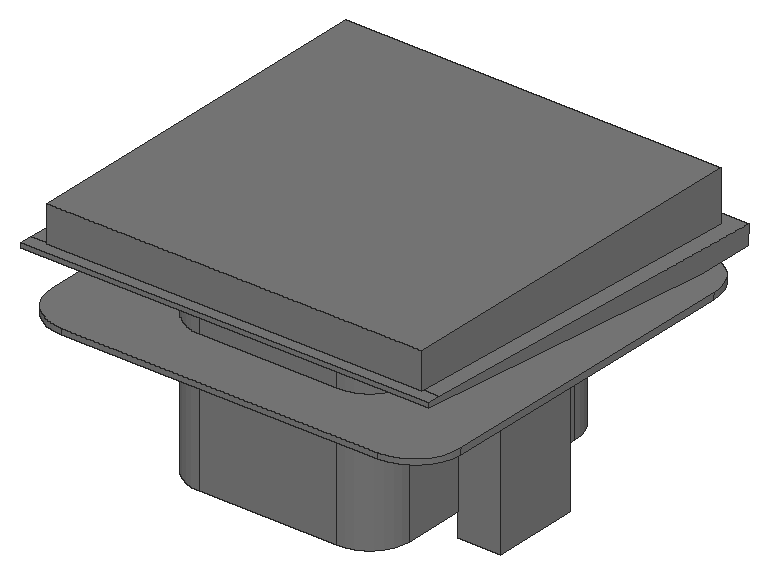
Revit family "Gira_126166", category Electrical Fixtures, host Face, Revit 2017
Family settings
  Host = Face
  Maintain Annotation Orientation = Yes
  Round Connector Dimension = Use Diameter
  Part Type = Normal
  Cut with Voids When Loaded = No
  Shared = No
  Room Calculation Point = No
Parameters (values of type "Türstation 3f UP Gira TX_44 (WG UP) Reinweiß")
  URL = "http://katalog.gira.de/de_DE/datenblatt.html?artikelnr=126166"
  Schutz gegen Vandalismus = "Yes"
  Region = "DE"
  Name = "Türstation 3f UP Gira TX_44 (WG UP) Reinweiß"
  Montageart = "unter Putz"
  Modulare Bauweise = "Yes"
  Mit Kamera = "No"
  Mit Infoschild = "Yes"
  Mit Abdeckung = "Yes"
  Manufacturer URL = "https://www.gira.de/"
  Keynote = "TX44_Komplettgerät_Schalten und Tasten"
  Installationstechnik = "Bus-System"
  HeinzeBIM = "https://bimportal.heinze.de/bim/tuerstation-3f-up-gira-tx-44-wg-up-reinweiss/80e488d547a7f3cd47c23f1ddcd844f750dbea72"
  HAN = "126166"
  GTIN = "4010337261667"
  Farbe = "weiß"
  Default Elevation = 1219.2 mm
  Data sheet (1) = "https://katalog.gira.de/de_DE/download.html?artikelnr=126166"
  Category = "Türstation für Türkommunikation"
  Available = "Yes"
  Anzahl der Ruftasten = "3 "
Reference planes
  plane 1 "Center (Front/Back)": y = 0
  plane 2 "Reference Level 0": z = 0
  plane 3 "Center (Left/Right)": x = 0
  plane 4: z = -28.6
Forms (mm)
  Extrusion 1, solid, material "Default", detail levels fine
    sketch origin (0, 0, 0) x (1, 0, 0) y (0, 1, 0)
      loop
        line (-32.604, 32.5) -> (-32.604, -32.5) -> (32.735, -32.5) -> (32.735, 32.5) -> (-32.604, 32.5)
    from 0 to 12.3
  Extrusion 2, solid, material "Default", detail levels fine
    sketch origin (0, 0, 0) x (0, 1, 0) y (0, 0, 1)
      loop
        line (35, 3.483) -> (-32.2, 6) -> (-34.55, 6) -> (-34.536, 5.199) -> (24.886, 0) -> (34.939, 0) -> (35, 3.483)
    from -35.5 to 35.5
  Extrusion 3, void
    sketch origin (0, 0, 0) x (0, 1, 0) y (0, 0, 1)
      loop
        line (42.419, 3.205) -> (-32.2, 6) -> (-42.193, 6) -> (-42.193, -11.826) -> (42.419, -11.826) -> (42.419, 3.205)
    from -64.194 to 61.264
  Extrusion 4, solid, material "Default", detail levels fine
    sketch origin (0, 0, 0) x (1, 0, 0) y (0, 1, 0)
      loop
        arc (35.5, 27.5) -> (33.157, 33.157) -> (27.5, 35.5) r 8
        line (27.5, 35.5) -> (-27.5, 35.5)
        arc (-27.5, 35.5) -> (-33.157, 33.157) -> (-35.5, 27.5) r 8
        line (-35.5, 27.5) -> (-35.5, -27.5)
        arc (-35.5, -27.5) -> (-33.157, -33.157) -> (-27.5, -35.5) r 8
        line (-27.5, -35.5) -> (27.5, -35.5)
        arc (27.5, -35.5) -> (33.157, -33.157) -> (35.5, -27.5) r 8
        line (35.5, -27.5) -> (35.5, 27.5)
    from -4.1 to -5.1
  Extrusion 5, solid, material "Default", detail levels fine
    sketch origin (0, 0, 0) x (1, 0, 0) y (0, 1, 0)
      loop
        arc (-12, 25) -> (-16.95, 22.95) -> (-19, 18) r 7
        line (-19, 18) -> (-19, -18)
        arc (-19, -18) -> (-16.95, -22.95) -> (-12, -25) r 7
        line (-12, -25) -> (12, -25)
        arc (12, -25) -> (16.95, -22.95) -> (19, -18) r 7
        line (19, -18) -> (19, 18)
        arc (19, 18) -> (16.95, 22.95) -> (12, 25) r 7
        line (12, 25) -> (-12, 25)
    from 4.692 to -28.6
  Extrusion 6, solid, material "Default", detail levels fine
    sketch origin (0, 0, 0) x (1, 0, 0) y (0, 1, 0)
      loop
        line (-26.5, -7.5) -> (-19, -7.5) -> (-19, 7.5) -> (-26.5, 7.5) -> (-26.5, -7.5)
    from -5.1 to -32.6
  Extrusion 7, solid, material "Default", detail levels fine
    sketch origin (0, 0, 0) x (-1, 0, 0) y (0, -1, 0)
      loop
        line (-26.5, 7.5) -> (-26.5, -7.5) -> (-19, -7.5) -> (-19, 7.5) -> (-26.5, 7.5)
    from -5.1 to -32.6
  Extrusion 8, solid, material "Default", detail levels medium
    sketch origin (0, 0, 0) x (1, 0, 0) y (0, 1, 0)
      loop
        line (-32.604, 32.5) -> (-32.604, -32.5) -> (32.735, -32.5) -> (32.735, 32.5) -> (-32.604, 32.5)
    from 0 to 12.3
  Extrusion 9, solid, material "Default", detail levels medium
    sketch origin (0, 0, 0) x (0, 1, 0) y (0, 0, 1)
      loop
        line (35, 3.483) -> (-32.2, 6) -> (-34.55, 6) -> (-34.445, 0) -> (34.939, 0) -> (35, 3.483)
    from -35.5 to 35.5
  Extrusion 10, solid, material "Default", detail levels medium
    sketch origin (0, 0, 0) x (1, 0, 0) y (0, 1, 0)
      loop
        line (-26.5, 25) -> (-26.5, -25) -> (26.5, -25) -> (26.5, 25) -> (-26.5, 25)
    from 4.692 to -32.6
  Extrusion 11, solid, material "Default", detail levels medium
    sketch origin (0, 0, 0) x (1, 0, 0) y (0, 1, 0)
      loop
        line (35.5, 35.5) -> (-35.5, 35.5) -> (-35.5, -35.5) -> (35.5, -35.5) -> (35.5, 35.5)
    from -4.1 to -5.1
  Extrusion 12, solid, material "Default", detail levels coarse
    sketch origin (0, 0, 0) x (1, 0, 0) y (0, 1, 0)
      loop
        line (35.5, 35.5) -> (-35.5, 35.5) -> (-35.5, -35.5) -> (35.5, -35.5) -> (35.5, 35.5)
    from -32.6 to 12.3
Cuts and joins
  Extrusion 3 cuts Extrusion 1
  joined: Extrusion 1, Extrusion 2, Extrusion 4, Extrusion 5, Extrusion 6, Extrusion 7
Dimensions and locks
  Extrusion 12 to Extrusion 12 = 44.9 mm
  aligned and locked: plane 2 "Reference Level 0" to host face
  aligned and locked: level to host face
  aligned and locked: plane 3 "Center (Left/Right)" to nested 1
  aligned and locked: plane 1 "Center (Front/Back)" to nested 1
Nested families
  nested 1: "Schalter" at (0, 0, 0), type "Schalter"
Connectors
  electrical at (0, 0, -32.6)
    settings: on Extrusion 12, index 1, voltage 220 V, apparent load 0 VA, apparent load phase1 0 VA, apparent load phase2 0 VA, apparent load phase3 0 VA, power factor 1, load classification "Other", number of poles 1, system type 30, power factor state 1, is connector primary yes, connector utility no, sub classification motor no, connector description ""
Definition of nested family "Schalter"
  Reference planes
    plane 1: y = 0
    plane 2: x = 0
  Lines and regions (mm)
    detail lines
      curve 1: circle (1.375, 2.778, 0) r 0.8 normal (0, 0, 1)
      curve 2: line (1.021, 2.061, 0) -> (0, 0, 0)
      curve 3: line (0, 0, 0) -> (-0.538, 0.266, 0)
  Dimensions and locks
    curve 2 to curve 2 = 2.3 mm
    curve 3 to curve 2 = 0.6 mm
    radius of curve 1 = 0.8 mm
